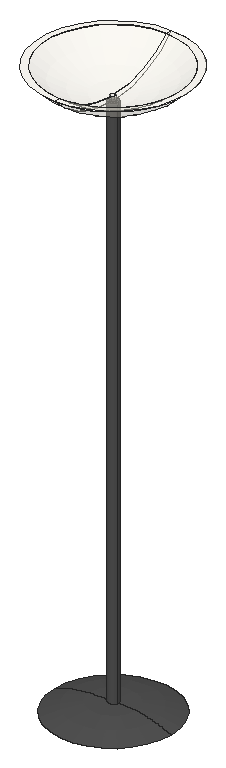
Revit family "M_Abajur de pé - Tocha", category Luminárias, Revit 2019
Family settings
  Cota do conector redondo = Utilizar diâmetro
  Tipo de parte = Normal
  Número OmniClass = 23.80.70.11.11
  Título OmniClass = General Luminaries, Non Directional
  ID de item do Seek = Floor Lamp - Torchiere-0000-CAN-ENU
  Com base no plano de trabalho = Não
  Sempre na vertical = Sim
  Corte com vazios quando carregada = Não
  Fonte luminosa = Sim
  Compartilhado = Não
  Ponto de cálculo do ambiente = Não
Parameters (values of type "120V")
  Comentários de voltagem = "100"
  Wattage = 100 W
  built-in parameter 1150110 = 1 (stored number, unit not read)
  built-in parameter 1114217 = 1 (stored number, unit not read)
  built-in parameter 1150109 = 1 (stored number, unit not read)
  built-in parameter 1150134 = 3
  built-in parameter 1150113 = 1 (stored number, unit not read)
  Tilt Angle = -90.00°
  Arquivo de rede fotométrica = "FLAE1T4_A.IES"
  Lumens = 1800 lm
  built-in parameter 1150115 = 1 (stored number, unit not read)
  built-in parameter 1150105 = 143.24 (stored number, unit not read)
  Classificação de carga = Iluminação - Unidade de interrupção
  built-in parameter 1150137 = 1
  built-in parameter 1150139 = (empty or 0)
  built-in parameter 1150112 = 1 (stored number, unit not read)
  built-in parameter 1150114 = 1 (stored number, unit not read)
  Lâmpada = "T-4"
  built-in parameter 1150132 = (empty or 0)
  built-in parameter 1150102 = (empty or 0)
  built-in parameter 1150138 = (empty or 0)
  built-in parameter 1150107 = 3200 (stored number, unit not read)
  built-in parameter 1150106 = 1.4324 (stored number, unit not read)
  Altura = 1500 mm
  built-in parameter 1150104 = 1.6723 (stored number, unit not read)
  Troca de temperatura da cor de lâmpada com esmaecimento = <Nenhum>
  Filtro de cor = 16777215
  Voltagem = 120 V
  Número de pólos = 1
  built-in parameter 1114218 = 1 (stored number, unit not read)
  built-in parameter 1150133 = 10 (stored number, unit not read)
  Código de montagem = "D5020230"
  Material de sombra = Plástico, Sombra da lâmpada
  Material do suporte = Aço, Cromo polido
  Carga aparente = 100 VA
Types (3, lengths in mm): name | Voltagem
  (no name) | 120 V
  120V | 120 V
  277V | 277 V
Reference planes
  plane 1 "Eixo de origem da luz": y = 0
  plane 2: z = 0
  plane 3 "Eixo de origem da luz": x = 0
  plane 4: z = 1419.376
  plane 5: z = 1500
  plane 6: z = 1432.076
  plane 7 "nível de origem de luz": z = 1470.176
Forms (mm)
  Revolve 1, solid, material "Aço, Cromo polido" <- "Material do suporte"
    sketch origin (0, 0, 0) x (0, 1, 0) y (0, 0, 1)
      loop
        line (6.35, 0) -> (152.4, 0)
        arc (152.4, 0) -> (83.837, 19.464) -> (12.7, 23.856) r 332.204
        line (12.7, 23.856) -> (12.7, 1419.376) -> (6.35, 1419.376) -> (6.35, 0)
      axis (0, 0) -> (0, 1419.376)
    angle from -90 to 270
  Revolve 2, solid, material "Plástico, Sombra da lâmpada" <- "Material de sombra"
    sketch origin (0, 0, 0) x (0, 1, 0) y (0, 0, 1)
      loop
        arc (12.7, 1419.376) -> (109.391, 1441.662) -> (189.657, 1500) r 248.525
        line (189.657, 1500) -> (171.915, 1500)
        arc (171.915, 1500) -> (95.828, 1449.717) -> (6.35, 1432.076) r 235.744
        line (6.35, 1432.076) -> (6.35, 1419.376) -> (12.7, 1419.376)
      axis (0, 1500) -> (0, 1419.376)
    angle from 0 to 360
Lines and regions (mm)
  Masking region 1
    outline origin (0, 0, 0) x (1, 0, 0) y (0, 1, 0)
      loop
        circle (0, 0) r 189.657
  symbolic lines
    curve 1: arc (152.4, 0, 0) -> (0, 152.4, 0) -> (-152.4, 0, 0) r 152.4
    curve 2: arc (-152.4, 0, 0) -> (0, -152.4, 0) -> (152.4, 0, 0) r 152.4
    curve 3: arc (25.4, 0, 0) -> (0, 25.4, 0) -> (-25.4, 0, 0) r 25.4
    curve 4: arc (-25.4, 0, 0) -> (0, -25.4, 0) -> (25.4, 0, 0) r 25.4
    curve 5: arc (0, 171.915, 0) -> (-171.915, 0, 0) -> (0, -171.915, 0) r 171.915
    curve 6: arc (0, -171.915, 0) -> (171.915, 0, 0) -> (0, 171.915, 0) r 171.915
Dimensions and locks
  "Altura": plane 5 to level
  locked: plane 4 to plane 5 at 80.624
  locked: plane 6 to plane 5 at 67.924
  locked: plane 7 "nível de origem de luz" to plane 5 at 29.824
  aligned and locked: level to Revolve 1 sketch curve  (x2)
  aligned and locked: Revolve 1 sketch curve to plane 1 "Eixo de origem da luz"  (x2)
  aligned and locked: Revolve 1 sketch curve to level
  aligned and locked: Masking region 1 sketch curve to Revolve 2
  aligned and locked: curve 5 to Revolve 2
  aligned and locked: plane 3 "Eixo de origem da luz" to imposter light
  aligned and locked: plane 1 "Eixo de origem da luz" to imposter light
  aligned and locked: plane 7 "nível de origem de luz" to imposter light
Automatic sketch dimensions
  curve 1 to plane 3 "Eixo de origem da luz" = 152.4 mm
  curve 3 to plane 1 "Eixo de origem da luz" = 0 mm
  curve 3 to plane 3 "Eixo de origem da luz" = 0 mm
  curve 3 to plane 3 "Eixo de origem da luz" = 25.4 mm
  Revolve 1 sketch curve to plane 4 = 0 mm
  Revolve 1 sketch curve to plane 1 "Eixo de origem da luz" = 6.35 mm
  Revolve 1 sketch curve to Revolve 1 sketch curve = 6.35 mm
  Revolve 1 sketch curve to plane 1 "Eixo de origem da luz" = 27.917 mm
  Revolve 1 sketch curve to Revolve 1 sketch curve = 139.7 mm
  Revolve 1 sketch curve to level = 308 mm
  Revolve 1 sketch curve to plane 5 = 279.4 mm
  Revolve 2 sketch curve to plane 1 "Eixo de origem da luz" = 0 mm
  Revolve 2 sketch curve to plane 4 = 0 mm
  Revolve 2 sketch curve to plane 6 = 0 mm
  Revolve 2 sketch curve to plane 5 = 0 mm
  Revolve 2 sketch curve to plane 1 "Eixo de origem da luz" = 6.35 mm
  Revolve 2 sketch curve to Revolve 2 sketch curve = 0 mm
  Revolve 2 sketch curve to Revolve 2 sketch curve = 6.35 mm
  Revolve 2 sketch curve to plane 1 "Eixo de origem da luz" = 171.915 mm
  Revolve 2 sketch curve to Revolve 2 sketch curve = 17.741 mm
  plane 4 to Revolve 2 sketch curve = 46.376 mm
  Revolve 2 sketch curve to Revolve 2 sketch curve = 15.419 mm
  curve 1 to curve 5 = 0 mm
  curve 1 to curve 6 = 0 mm
